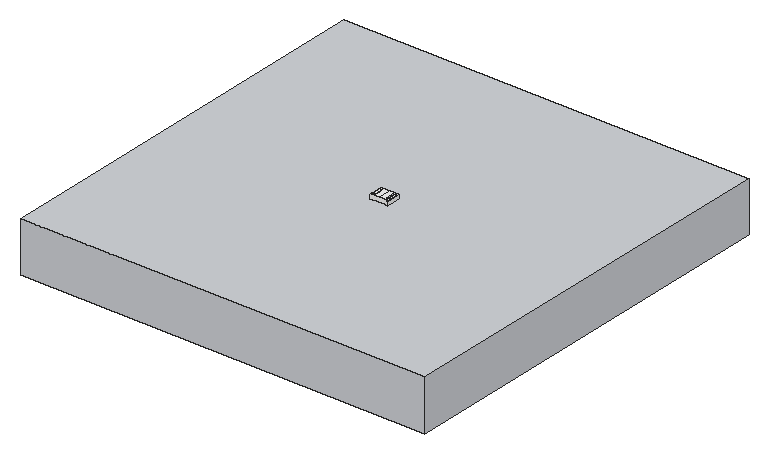
Revit family "Módulo para maniobras_Aguilera Electronica", category Dispositivos de alarma de incendios, Revit 2017
Family settings
  Anfitrión = Cara
  Mantener orientación de anotación = Sí
  Cota de conector redondo = Diámetro de uso
  Tipo de pieza = Normal
  Número OmniClass = 23.85.30.21
  Título OmniClass = Environmental Detection/Registration
  Corte con vacíos al cargar = No
  Compartido = No
  Punto de cálculo de habitación = No
Parameters (values of type "Módulo 1 salida y entrada que confirma maniobra")
  URL = "http://aguilera.es/?productos=modulo-de-una-salida-y-entrada-que-confirma-maniobra"
  Símbolo texto modelo = yes
  Símbolo = yes
  Modelo = "AE/SA-SE"
  Fabricante = "Aguilera Electrónica"  # constant formula
  Elevación por defecto = 1200 mm
  Diámetro tubo = 20 mm
  Descripción = "Unidad microprocesada direccionable fabricada por AGUILERA ELECTRÓNICA según norma EN 54-18 que gestiona una salida con relé libre de tensión para activar una maniobra y una entrada que confirma que ésta se ha realizado. Si la maniobra no fuese confirmada en un tiempo programado, la central indicará en su presentación esta situación. Especial para actuar sobre control de válvulas, compuertas y puertas cortafuegos cuando se quiere tener confirmación de que la maniobra se ha realizado.\r\n• Provisto de autoaislador que le aísla del resto de la instalación en caso de cortocircuito en su interior.\r\n• Conexión a 2 hilos con clemas extraíbles.\r\n• Alimentación: entre 18 y 27 Vcc.\r\n• Consumo reposo/alarma: 1.5 mA.\r\n• Montado en ca ja de ABS de 105 x 82 x 25mm."
  Type Comments = ""
Types (5, lengths in mm): name | URL | Modelo | Descripción | Type Comments
  (no name) | "http://aguilera.es/?productos=modulo-de-una-salida-y-entrada-que-confirma-maniobra" | "AE/SA-SE" | "Unidad microprocesada direccionable fabricada por AGUILERA ELECTRÓNICA según norma EN 54-18 que gestiona una salida con relé libre de tensión para activar una maniobra y una entrada que confirma que ésta se ha realizado. Si la maniobra no fuese confirmada en un tiempo programado, la central indicará en su presentación esta situación. Especial para actuar sobre control de válvulas, compuertas y puertas cortafuegos cuando se quiere tener confirmación de que la maniobra se ha realizado.\r\n• Provisto de autoaislador que le aísla del resto de la instalación en caso de cortocircuito en su interior.\r\n• Conexión a 2 hilos con clemas extraíbles.\r\n• Alimentación: entre 18 y 27 Vcc.\r\n• Consumo reposo/alarma: 1.5 mA.\r\n• Montado en ca ja de ABS de 105 x 82 x 25mm." | ""
  Módulo de 2 salidas para maniobras | "http://aguilera.es/?productos=modulo-de-dos-salidas-para-maniobras" | "AE/SA-2S" | "Unidad microprocesada direccionable fabricada por AGUILERA ELECTRÓNICA según norma EN 54-18, que gestiona dos salidas por relé libres de tensión: contactos NC (contactos cerrados) y NA (contactos abiertos y común) Especial para ejecutar dos maniobras independientes (cerrar puertas cortafuegos, activar o desactivar electroválvulas, etc.).\r\n• Provisto de autoaislador que le aísla del resto de la instalación en caso de cortocircuito en su interior.\r\n• Conexión a 2 hilos con clemas extraíbles.\r\n• Alimentación: entre 18 y 27 Vcc.\r\n• Consumo reposo/alarma: 2.6 mA.\r\n• Montado en caja de ABS de 105 x 82 x 25mm." | ""
  Módulo de 2 salidas vigiladas para maniobras | "http://aguilera.es/?productos=modulo-de-dos-salidas-vigiladas-para-maniobras" | "AE/SA-2SV" | "Unidad microprocesada direccionable fabricada por AGUILERA ELECTRÓNICA según norma EN 54-18, que gestiona dos salidas supervisadas de relé. Especial para ejecutar dos maniobras de evacuación independientes (sirenas, campanas, etc) según y para qué hayan sido configuradas desde la central en cumplimiento de la norma de instalación EN 54-14.\r\n• Provisto de autoaislador que le aisla del resto de la instalación en caso de cortocircuito en su interior.\r\n• Admite alimentación auxiliar para maniobras.\r\n• Conexión a 2 hilos con clemas extraíbles.\r\n• Alimentación: entre 18 y 27 Vcc.\r\n• Consumo reposo 1 mA.\r\n• Consumo máximo bucle alimentación auxiliar: 27 mA.\r\n• Montado en caja de ABS de 105 x 82 x 25mm." | ""
  Módulo 1 salida y entrada que confirma maniobra | "http://aguilera.es/?productos=modulo-de-una-salida-y-entrada-que-confirma-maniobra" | "AE/SA-SE" | "Unidad microprocesada direccionable fabricada por AGUILERA ELECTRÓNICA según norma EN 54-18 que gestiona una salida con relé libre de tensión para activar una maniobra y una entrada que confirma que ésta se ha realizado. Si la maniobra no fuese confirmada en un tiempo programado, la central indicará en su presentación esta situación. Especial para actuar sobre control de válvulas, compuertas y puertas cortafuegos cuando se quiere tener confirmación de que la maniobra se ha realizado.\r\n• Provisto de autoaislador que le aísla del resto de la instalación en caso de cortocircuito en su interior.\r\n• Conexión a 2 hilos con clemas extraíbles.\r\n• Alimentación: entre 18 y 27 Vcc.\r\n• Consumo reposo/alarma: 1.5 mA.\r\n• Montado en ca ja de ABS de 105 x 82 x 25mm." | ""
  Módulo 1 salida y entrada que confirma maniobra 230Vca | "http://aguilera.es/?productos=modulo-de-una-salida-y-entrada-que-confirma-maniobra-para-maniobras-a-230vca" | "AE/SA-SE230" | "Unidad microprocesada direccionable fabricada por AGUILERA ELECTRÓNICA según norma EN 54-18 que gestiona una salida con relé libre de tensión para activar una maniobra y una entrada que confirma que ésta se ha realizado. Si la maniobra no fuese confirmada en un tiempo programado, la central indicará en su presentación esta situación. Especial para actuar sobre control de válvulas, compuertas y puertas cortafuegos cuando se quiere tener confirmación de que la maniobra se ha realizado.\r\n• Provisto de autoaislador que le aísla del resto de la instalación en caso de cortocircuito en su interior.\r\n• Conexión a 2 hilos con clemas extraíbles.\r\n• Alimentación: entre 18 y 27 Vcc.\r\n• Consumo reposo/alarma: 1.5 mA.\r\n• Montado en ca ja de ABS de 105 x 82 x 25mm." | "Para maniobras a 230Vca"
Reference planes
  plane 1 "Centro (Frontal/Posterior)": y = 0
  plane 2: z = 0
  plane 3 "Centro (Izquierda/Derecha)": x = 0
Forms (mm)
  Extrusion 1, solid
    sketch origin (0, 0, 0) x (1, 0, 0) y (0, 1, 0)
      loop
        line (-1219.2, 1219.2) -> (-1219.2, -1219.2) -> (1219.2, -1219.2) -> (1219.2, 1219.2) -> (-1219.2, 1219.2)
    from 0 to -304.8
  Extrusion 2, solid, material "ABS blanco"
    sketch origin (247.5, 0, 0) x (1, 0, 0) y (0, 0, 1)
      loop
        line (-300, 0) -> (-285, 0)
        arc (-285, 0) -> (-282.824, 1.248) -> (-280.468, 2.113) r 14.863
        line (-280.468, 2.113) -> (-247.5, 2.113) -> (-214.532, 2.113)
        arc (-214.532, 2.113) -> (-212.176, 1.248) -> (-210, 0) r 14.863
        line (-210, 0) -> (-195, 0) -> (-195, 18.612)
        arc (-195, 18.612) -> (-196.871, 23.129) -> (-201.388, 25) r 6.388
        line (-201.388, 25) -> (-247.5, 25) -> (-293.612, 25)
        arc (-293.612, 25) -> (-298.129, 23.129) -> (-300, 18.612) r 6.388
        line (-300, 18.612) -> (-300, 0)
    from -41 to 41
  Extrusion 3, void
    sketch origin (0, 0, 0) x (1, 0, 0) y (0, 1, 0)
      loop
        line (-52.5, 24.796) -> (-52.5, 23.627) -> (-34.278, 23.627) -> (-34.278, -23.627) -> (-52.5, -23.627) -> (-52.5, -24.796) -> (-32.968, -24.796) -> (-32.968, 24.796) -> (-52.5, 24.796)
      loop
        line (52.5, 24.796) -> (32.968, 24.796) -> (32.968, -24.796) -> (52.5, -24.796) -> (52.5, -23.627) -> (34.278, -23.627) -> (34.278, 23.627) -> (52.5, 23.627) -> (52.5, 24.796)
    from 21.624 to 25
  Extrusion 4, void
    sketch origin (0, 0, 0) x (1, 0, 0) y (0, 1, 0)
      loop
        line (49.644, -23.627) -> (52.5, -23.627) -> (52.5, 23.625) -> (49.644, 23.625) -> (49.644, -23.627)
      loop
        line (-49.644, -23.627) -> (-49.644, 23.625) -> (-52.5, 23.625) -> (-52.5, -23.627) -> (-49.644, -23.627)
    from 16.621 to 21.624
Cuts and joins
  Extrusion 3, Extrusion 4 cuts Extrusion 2
Dimensions and locks
  aligned and locked: plane 2 to Extrusion 1
  aligned and locked: level to Extrusion 1
  aligned and locked: Extrusion 2 to Extrusion 3
  aligned and locked: Extrusion 4 to Extrusion 3
Nested families
  nested 1: "S_Módulo para maniobras_Aguilera Electronica" at (0, 0, 0), visible <- "Símbolo", type "S_Módulo para maniobras_Aguilera Electronica"
Connectors
  cabletrayconduit at (-16.484, 0, 2.113), diameter 20, driven by "Diámetro tubo", driven by "Modelo"
    settings: on cut or joined group of Extrusion 2, Extrusion 3, Extrusion 4, index 1, connector width 300 mm, connector height 300 mm, connector angle 0.00°, system type 32, placement type 0, profile type 0, connector reference index -1, is primary connector yes, connector utility param no, connector description "AE/SA-SE"
Definition of nested family "S_Módulo para maniobras_Aguilera Electronica"
  Parameters (values of type "S_Módulo para maniobras_Aguilera Electronica")
    Texto símbolo = "Módulo maniobras"
    Texto modelo = yes
    Modelo = "Módulo maniobras"
  Reference planes
    plane 1: y = 0
    plane 2: x = 0
  Lines and regions (mm)
    detail lines
      curve 1: line (-3.358, -2.749, 0) -> (3.358, -2.749, 0)
      curve 2: line (-3.358, 2.749, 0) -> (-3.358, -2.749, 0)
      curve 3: line (3.358, 2.749, 0) -> (-3.358, 2.749, 0)
      curve 4: line (3.358, -2.749, 0) -> (3.358, 2.749, 0)
  Text (mm)
    label "Texto símbolo" at (0.015, 1.109, 0), shows "Texto símbolo"
    label "Modelo" at (0.015, -1.385, 0), shows "Modelo", visible <- "Texto modelo"
